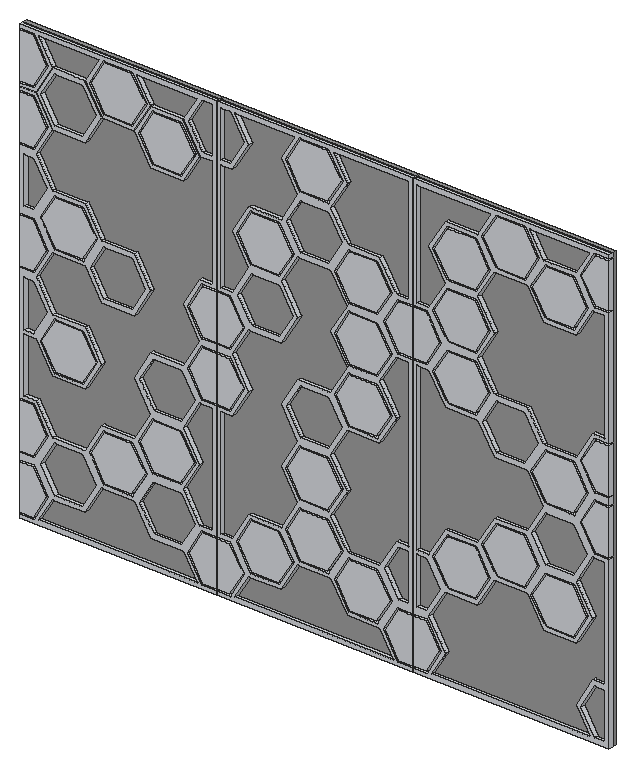
Revit family "SUR-PGL-018_HEX LATTICE_RFA", category Modelos genéricos, Revit 2022 (continued)
Forms (in)
  Extrusion 378, solid, not visible
    sketch origin (108, 0, 0) x (1, 0, 0) y (0, 1, 0)
      loop
        line (4.31701, 27.28341) -> (8.31701, 34.03341) -> (16.31701, 34.03341) -> (20.31701, 40.78341) -> (28.31701, 40.78341) -> (32.31701, 47.53341) -> (28.31701, 54.28341) -> (20.31701, 54.28341) -> (16.31471, 61.03433) -> (8.31755, 61.03433) -> (4.31635, 67.78341) -> (1.31701, 67.78341) -> (1.31701, 27.28341) -> (4.31701, 27.28341)
      loop
        line (32.31701, 61.03341) -> (40.31701, 61.03341) -> (44.31701, 67.78341) -> (47.31701, 67.78341) -> (47.31701, 94.78341) -> (44.31526, 94.78341) -> (40.31526, 88.03341) -> (32.31701, 88.03341) -> (28.31701, 94.78341) -> (20.31701, 94.78341) -> (16.31701, 88.03341) -> (20.31701, 81.28341) -> (16.31701, 74.53341) -> (20.31701, 67.78341) -> (28.31701, 67.78341) -> (32.31701, 61.03341)
      loop
        line (4.31701, 81.28341) -> (8.31788, 88.03489) -> (4.31701, 94.78341) -> (8.31701, 101.53341) -> (16.31701, 101.53341) -> (19.72442, 107.28341) -> (1.31701, 107.28341) -> (1.31701, 81.28341) -> (4.31701, 81.28341)
      loop
        line (39.86453, 21.32751) -> (43.39395, 27.28341) -> (39.86453, 33.23931) -> (32.76949, 33.23931) -> (29.24007, 27.28341) -> (32.77103, 21.32751) -> (39.86453, 21.32751)
      loop
        line (42.92899, 27.28341) -> (39.63661, 32.83931) -> (32.99741, 32.83931) -> (29.70505, 27.28346) -> (32.9989, 21.72751) -> (39.63661, 21.72751) -> (42.92899, 27.28341)
      loop
        line (15.89307, 61.79839) -> (19.4225, 67.75429) -> (15.89307, 73.7102) -> (8.79804, 73.7102) -> (5.26861, 67.75429) -> (8.79958, 61.79839) -> (15.89307, 61.79839)
      loop
        line (18.95754, 67.75429) -> (15.66515, 73.3102) -> (9.02596, 73.3102) -> (5.7336, 67.75434) -> (9.02745, 62.19839) -> (15.66515, 62.19839) -> (18.95754, 67.75429)
      loop
        line (27.89153, 95.54839) -> (31.42095, 101.50429) -> (27.89153, 107.4602) -> (20.79649, 107.4602) -> (17.26707, 101.50429) -> (20.79804, 95.54839) -> (27.89153, 95.54839)
      loop
        line (30.95599, 101.50429) -> (27.66361, 107.0602) -> (21.02441, 107.0602) -> (17.73205, 101.50434) -> (21.02591, 95.94839) -> (27.66361, 95.94839) -> (30.95599, 101.50429)
      loop
        line (32.31701, 101.53341) -> (40.31701, 101.53341) -> (43.72442, 107.28341) -> (28.9096, 107.28341) -> (32.31701, 101.53341)
      loop
        line (48.31701, 41.95105) -> (48.31701, 53.0602) -> (45.02596, 53.0602) -> (41.73436, 47.50562) -> (45.02596, 41.95105) -> (48.31701, 41.95105)
      loop
        line (44.88681, 1.28341) -> (47.31701, 1.28341) -> (47.31701, 12.78341) -> (44.88681, 12.78341) -> (41.4794, 7.03341) -> (44.88681, 1.28341)
      loop
        line (3.65767, 1.46152) -> (6.94306, 7.00562) -> (3.65767, 12.54972) -> (0.31701, 12.54972) -> (0.31701, 1.46152) -> (3.65767, 1.46152)
      loop
        line (1.31701, 14.78341) -> (3.7472, 14.78341) -> (7.15461, 20.53341) -> (3.7472, 26.28341) -> (1.31701, 26.28341) -> (1.31701, 14.78341)
      loop
        line (48.31701, 66.55105) -> (45.03271, 66.55105) -> (41.74499, 61.00302) -> (45.02884, 55.46152) -> (48.31701, 55.46152) -> (48.31701, 66.55105)
      loop
        line (27.851, 28.08522) -> (31.38042, 34.04112) -> (27.851, 39.99702) -> (20.75596, 39.99702) -> (17.22654, 34.04112) -> (20.7575, 28.08522) -> (27.851, 28.08522)
      loop
        line (30.91546, 34.04112) -> (27.62308, 39.59702) -> (20.98388, 39.59702) -> (17.69152, 34.04117) -> (20.98538, 28.48522) -> (27.62308, 28.48522) -> (30.91546, 34.04112)
      loop
        line (15.86453, 21.32751) -> (19.39395, 27.28341) -> (15.86453, 33.23931) -> (8.76949, 33.23931) -> (5.24007, 27.28341) -> (8.77103, 21.32751) -> (15.86453, 21.32751)
      loop
        line (18.92899, 27.28341) -> (15.63661, 32.83931) -> (8.99741, 32.83931) -> (5.70505, 27.28346) -> (8.9989, 21.72751) -> (15.63661, 21.72751) -> (18.92899, 27.28341)
      loop
        line (15.86453, 75.32751) -> (19.39395, 81.28341) -> (15.86453, 87.23931) -> (8.76949, 87.23931) -> (5.24007, 81.28341) -> (8.77103, 75.32751) -> (15.86453, 75.32751)
      loop
        line (18.92899, 81.28341) -> (15.63661, 86.83931) -> (8.99741, 86.83931) -> (5.70505, 81.28346) -> (8.9989, 75.72751) -> (15.63661, 75.72751) -> (18.92899, 81.28341)
      loop
        line (3.65767, 68.99268) -> (6.94306, 74.53678) -> (3.65767, 80.08088) -> (0.31701, 80.08088) -> (0.31701, 68.99268) -> (3.65767, 68.99268)
      loop
        line (32.88681, 35.03341) -> (39.7472, 35.03341) -> (43.15461, 40.78341) -> (39.7472, 46.53341) -> (32.88681, 46.53341) -> (29.4794, 40.78341) -> (32.88681, 35.03341)
      loop
        line (31.15461, 61.03341) -> (27.7472, 66.78341) -> (20.88681, 66.78341) -> (17.4794, 61.03341) -> (20.88681, 55.28341) -> (27.7472, 55.28341) -> (31.15461, 61.03341)
      loop
        line (39.86453, 48.32751) -> (43.39395, 54.28341) -> (39.86453, 60.23931) -> (32.76949, 60.23931) -> (29.24007, 54.28341) -> (32.77103, 48.32751) -> (39.86453, 48.32751)
      loop
        line (42.92899, 54.28341) -> (39.63661, 59.83931) -> (32.99741, 59.83931) -> (29.70505, 54.28346) -> (32.9989, 48.72751) -> (39.63661, 48.72751) -> (42.92899, 54.28341)
      loop
        line (39.86453, 88.82751) -> (43.39395, 94.78341) -> (39.86453, 100.73931) -> (32.76949, 100.73931) -> (29.24007, 94.78341) -> (32.77103, 88.82751) -> (39.86453, 88.82751)
      loop
        line (42.92899, 94.78341) -> (39.63661, 100.33931) -> (32.99741, 100.33931) -> (29.70505, 94.78346) -> (32.9989, 89.22751) -> (39.63661, 89.22751) -> (42.92899, 94.78341)
      loop
        line (15.86453, 88.82751) -> (19.39395, 94.78341) -> (15.86453, 100.73931) -> (8.76949, 100.73931) -> (5.24007, 94.78341) -> (8.77103, 88.82751) -> (15.86453, 88.82751)
      loop
        line (18.92899, 94.78341) -> (15.63661, 100.33931) -> (8.99741, 100.33931) -> (5.70505, 94.78346) -> (8.9989, 89.22751) -> (15.63661, 89.22751) -> (18.92899, 94.78341)
      loop
        line (48.31701, 107.07751) -> (45.03271, 107.07751) -> (41.74499, 101.52948) -> (45.02884, 95.98799) -> (48.31701, 95.98799) -> (48.31701, 107.07751)
    from -0.97244 to 0
  Extrusion 379, solid, not visible
    sketch origin (54, 0, 0) x (1, 0, 0) y (0, 1, 0)
      loop
        line (0.31701, 108.28341) -> (0.31701, 0.28341) -> (48.31701, 0.28341) -> (48.31701, 108.28341) -> (0.31701, 108.28341)
    from -1.94488 to -0.97244
  Extrusion 380, solid, not visible
    sketch origin (102.63402, 0, 0) x (-1, 0, 0) y (0, -1, 0)
      loop
        line (0.31701, -108.28341) -> (48.31701, -108.28341) -> (48.31701, -66.95742) -> (44.79317, -66.95742) -> (41.26779, -61.00834) -> (44.79804, -55.05105) -> (48.31701, -55.05105) -> (48.31701, -53.4602) -> (44.79804, -53.4602) -> (41.2694, -47.50562) -> (44.79804, -41.55105) -> (48.31701, -41.55105) -> (48.31701, -12.96152) -> (44.79728, -12.96152) -> (41.26786, -7.00562) -> (44.79807, -1.04838) -> (48.31701, -1.04838) -> (48.31701, -0.28341) -> (0.31701, -0.28341) -> (0.31701, -1.04972) -> (3.89232, -1.04972) -> (7.42097, -7.00432) -> (3.89077, -12.96152) -> (0.31701, -12.96152) -> (0.31701, -67.77836) -> (0.31701, -68.58088) -> (3.89232, -68.58088) -> (7.42097, -74.53548) -> (3.89077, -80.49268) -> (0.31701, -80.49268) -> (0.31701, -108.28341)
      loop
        line (4.9096, -1.28341) -> (8.31701, -7.03341) -> (16.31701, -7.03341) -> (20.31701, -13.78341) -> (28.31701, -13.78341) -> (32.31701, -7.03341) -> (40.31701, -7.03341) -> (43.72442, -1.28341) -> (4.9096, -1.28341)
      loop
        line (8.31701, -20.53341) -> (4.31701, -27.28341) -> (1.31701, -27.28341) -> (1.31701, -67.78341) -> (4.31635, -67.78341) -> (8.31755, -61.03433) -> (4.31701, -54.28341) -> (8.31701, -47.53341) -> (16.31701, -47.53341) -> (20.31701, -40.78341) -> (16.31701, -34.03341) -> (20.31701, -27.28341) -> (16.31701, -20.53341) -> (8.31701, -20.53341)
      loop
        line (20.31701, -54.28341) -> (16.31613, -61.03194) -> (20.31701, -67.78341) -> (16.31701, -74.53341) -> (20.31701, -81.28341) -> (28.31526, -81.28341) -> (32.31701, -74.53341) -> (28.31701, -67.78341) -> (32.31701, -61.03341) -> (40.31701, -61.03341) -> (44.31701, -54.28341) -> (40.31701, -47.53341) -> (44.31701, -40.78341) -> (47.31701, -40.78341) -> (47.31701, -13.78341) -> (44.31701, -13.78341) -> (40.31701, -20.53341) -> (32.31701, -20.53341) -> (28.31701, -27.28341) -> (32.31701, -34.03341) -> (28.31701, -40.78341) -> (32.31701, -47.53341) -> (28.31701, -54.28341) -> (20.31701, -54.28341)
      loop
        line (4.31701, -81.28341) -> (1.31701, -81.28341) -> (1.31701, -107.28341) -> (19.72442, -107.28341) -> (16.31701, -101.53341) -> (20.31701, -94.78341) -> (16.31701, -88.03341) -> (8.31701, -88.03341) -> (4.31701, -81.28341)
      loop
        line (28.31701, -94.78341) -> (32.31701, -101.53341) -> (28.9096, -107.28341) -> (43.72442, -107.28341) -> (40.31701, -101.53341) -> (44.31701, -94.78341) -> (47.31701, -94.78341) -> (47.31701, -67.78341) -> (44.31701, -67.78341) -> (40.31701, -74.53341) -> (44.31701, -81.28341) -> (40.31526, -88.03341) -> (32.31701, -88.03341) -> (28.31701, -94.78341)
      loop
        line (27.89232, -14.54972) -> (20.79882, -14.54972) -> (17.26786, -20.50562) -> (20.79728, -26.46152) -> (27.89232, -26.46152) -> (31.42174, -20.50562) -> (27.89232, -14.54972)
      loop
        line (30.95678, -20.50562) -> (27.6644, -14.94972) -> (21.02669, -14.94972) -> (17.73284, -20.50567) -> (21.0252, -26.06152) -> (27.6644, -26.06152) -> (30.95678, -20.50562)
      loop
        line (15.89307, -61.79839) -> (8.79958, -61.79839) -> (5.26861, -67.75429) -> (8.79804, -73.7102) -> (15.89307, -73.7102) -> (19.4225, -67.75429) -> (15.89307, -61.79839)
      loop
        line (18.95754, -67.75429) -> (15.66515, -62.19839) -> (9.02745, -62.19839) -> (5.7336, -67.75434) -> (9.02596, -73.3102) -> (15.66515, -73.3102) -> (18.95754, -67.75429)
      loop
        line (27.89153, -95.54839) -> (20.79804, -95.54839) -> (17.26707, -101.50429) -> (20.79649, -107.4602) -> (27.89153, -107.4602) -> (31.42095, -101.50429) -> (27.89153, -95.54839)
      loop
        line (30.95599, -101.50429) -> (27.66361, -95.94839) -> (21.02591, -95.94839) -> (17.73205, -101.50434) -> (21.02441, -107.0602) -> (27.66361, -107.0602) -> (30.95599, -101.50429)
      loop
        line (44.88681, -107.28341) -> (47.31701, -107.28341) -> (47.31701, -95.78341) -> (44.88681, -95.78341) -> (41.4794, -101.53341) -> (44.88681, -107.28341)
      loop
        line (48.31701, -41.95105) -> (45.02596, -41.95105) -> (41.73436, -47.50562) -> (45.02596, -53.0602) -> (48.31701, -53.0602) -> (48.31701, -41.95105)
      loop
        line (45.01834, -1.46131) -> (41.73282, -7.00562) -> (45.01812, -12.54958) -> (48.31701, -12.54958) -> (48.31701, -1.46131) -> (45.01834, -1.46131)
      loop
        line (3.65767, -1.46152) -> (0.31701, -1.46152) -> (0.31701, -12.54972) -> (3.65767, -12.54972) -> (6.94306, -7.00562) -> (3.65767, -1.46152)
      loop
        line (1.31701, -14.78341) -> (1.31701, -26.28341) -> (3.7472, -26.28341) -> (7.15461, -20.53341) -> (3.7472, -14.78341) -> (1.31701, -14.78341)
      loop
        line (48.31701, -66.55105) -> (48.31701, -55.46152) -> (45.02884, -55.46152) -> (41.74499, -61.00302) -> (45.03271, -66.55105) -> (48.31701, -66.55105)
      loop
        line (27.851, -28.08522) -> (20.7575, -28.08522) -> (17.22654, -34.04112) -> (20.75596, -39.99702) -> (27.851, -39.99702) -> (31.38042, -34.04112) -> (27.851, -28.08522)
      loop
        line (30.91546, -34.04112) -> (27.62308, -28.48522) -> (20.98538, -28.48522) -> (17.69152, -34.04117) -> (20.98388, -39.59702) -> (27.62308, -39.59702) -> (30.91546, -34.04112)
      loop
        line (15.86453, -48.32751) -> (8.77103, -48.32751) -> (5.24007, -54.28341) -> (8.76949, -60.23931) -> (15.86453, -60.23931) -> (19.39395, -54.28341) -> (15.86453, -48.32751)
      loop
        line (18.92899, -54.28341) -> (15.63661, -48.72751) -> (8.9989, -48.72751) -> (5.70505, -54.28346) -> (8.99741, -59.83931) -> (15.63661, -59.83931) -> (18.92899, -54.28341)
      loop
        line (15.86453, -7.82751) -> (8.77103, -7.82751) -> (5.24007, -13.78341) -> (8.76949, -19.73931) -> (15.86453, -19.73931) -> (19.39395, -13.78341) -> (15.86453, -7.82751)
      loop
        line (18.92899, -13.78341) -> (15.63661, -8.22751) -> (8.9989, -8.22751) -> (5.70505, -13.78346) -> (8.99741, -19.33931) -> (15.63661, -19.33931) -> (18.92899, -13.78341)
      loop
        line (39.86453, -7.82751) -> (32.77103, -7.82751) -> (29.24007, -13.78341) -> (32.76949, -19.73931) -> (39.86453, -19.73931) -> (43.39395, -13.78341) -> (39.86453, -7.82751)
      loop
        line (42.92899, -13.78341) -> (39.63661, -8.22751) -> (32.9989, -8.22751) -> (29.70505, -13.78346) -> (32.99741, -19.33931) -> (39.63661, -19.33931) -> (42.92899, -13.78341)
      loop
        line (39.86453, -75.32751) -> (32.77103, -75.32751) -> (29.24007, -81.28341) -> (32.76949, -87.23931) -> (39.86453, -87.23931) -> (43.39395, -81.28341) -> (39.86453, -75.32751)
      loop
        line (42.92899, -81.28341) -> (39.63661, -75.72751) -> (32.9989, -75.72751) -> (29.70505, -81.28346) -> (32.99741, -86.83931) -> (39.63661, -86.83931) -> (42.92899, -81.28341)
      loop
        line (15.86453, -75.32751) -> (8.77103, -75.32751) -> (5.24007, -81.28341) -> (8.76949, -87.23931) -> (15.86453, -87.23931) -> (19.39395, -81.28341) -> (15.86453, -75.32751)
      loop
        line (18.92899, -81.28341) -> (15.63661, -75.72751) -> (8.9989, -75.72751) -> (5.70505, -81.28346) -> (8.99741, -86.83931) -> (15.63661, -86.83931) -> (18.92899, -81.28341)
      loop
        line (31.15461, -88.03341) -> (27.7472, -82.28341) -> (20.88681, -82.28341) -> (17.4794, -88.03341) -> (20.88681, -93.78341) -> (27.7472, -93.78341) -> (31.15461, -88.03341)
      loop
        line (3.65767, -68.99268) -> (0.31701, -68.99268) -> (0.31701, -80.08088) -> (3.65767, -80.08088) -> (6.94306, -74.53678) -> (3.65767, -68.99268)
      loop
        line (27.7472, -53.28341) -> (31.15461, -47.53341) -> (27.7472, -41.78341) -> (20.88681, -41.78341) -> (17.4794, -47.53341) -> (20.88681, -53.28341) -> (27.7472, -53.28341)
      loop
        line (39.7472, -62.03341) -> (32.88681, -62.03341) -> (29.4794, -67.78341) -> (32.88681, -73.53341) -> (39.7472, -73.53341) -> (43.15461, -67.78341) -> (39.7472, -62.03341)
    from -0.97244 to 0
  Extrusion 381, solid, not visible
    sketch origin (0, 0, 0.28341) x (1, 0, 0) y (0, 1, 0)
      loop
        line (0.31701, 108.28341) -> (0.31701, 107.4602) -> (3.89156, 107.4602) -> (7.42324, 101.50048) -> (3.89608, 95.54839) -> (0.31701, 95.54839) -> (0.31701, 94.83076) -> (4.29123, 94.83076) -> (8.29009, 101.57884) -> (4.9096, 107.28341) -> (19.72442, 107.28341) -> (16.37513, 101.63149) -> (20.43325, 94.78341) -> (28.20077, 94.78341) -> (32.25889, 101.63149) -> (28.9096, 107.28341) -> (43.72442, 107.28341) -> (40.37513, 101.63149) -> (44.43325, 94.78341) -> (47.31701, 94.78341) -> (47.31701, 67.78341) -> (44.31701, 67.78341) -> (40.31701, 61.03341) -> (44.31701, 54.28341) -> (40.31701, 47.53341) -> (32.31701, 47.53341) -> (28.31701, 40.78341) -> (32.31701, 34.03341) -> (28.31701, 27.28341) -> (20.31701, 27.28341) -> (16.31701, 20.53341) -> (8.31701, 20.53341) -> (4.31701, 27.28341) -> (1.31701, 27.28341) -> (1.31701, 40.78341) -> (4.31701, 40.78341) -> (8.31701, 34.03341) -> (16.31701, 34.03341) -> (20.31701, 40.78341) -> (16.31701, 47.53341) -> (8.31701, 47.53341) -> (4.31701, 54.28341) -> (8.31701, 61.03341) -> (16.31701, 61.03341) -> (20.31701, 54.28341) -> (28.31701, 54.28341) -> (32.31701, 61.03341) -> (28.31701, 67.78341) -> (20.31701, 67.78341) -> (16.31701, 74.53341) -> (8.31701, 74.53341) -> (4.31701, 81.28341) -> (8.25889, 87.93534) -> (4.29123, 94.63076) -> (0.31701, 94.63076) -> (0.31701, 93.96018) -> (3.89157, 93.96018) -> (7.42073, 88.00472) -> (3.89235, 82.05058) -> (0.31701, 82.05058) -> (0.31701, 66.96018) -> (3.89157, 66.96018) -> (7.42062, 61.00751) -> (3.89087, 55.05105) -> (0.31701, 55.05105) -> (0.31701, 26.46152) -> (3.89077, 26.46152) -> (7.42097, 20.50432) -> (3.89232, 14.54972) -> (0.31701, 14.54972) -> (0.31701, 12.96152) -> (3.89077, 12.96152) -> (7.42097, 7.00432) -> (3.89232, 1.04972) -> (0.31701, 1.04972) -> (0.31701, 0.28341) -> (48.31701, 0.28341) -> (48.31701, 1.04838) -> (44.79807, 1.04838) -> (41.26786, 7.00562) -> (44.79728, 12.96152) -> (48.31701, 12.96152) -> (48.31701, 41.55105) -> (44.79804, 41.55105) -> (41.2694, 47.50562) -> (44.79804, 53.4602) -> (48.31701, 53.4602) -> (48.31701, 55.05105) -> (44.79804, 55.05105) -> (41.26779, 61.00834) -> (44.79317, 66.95742) -> (48.31701, 66.95742) -> (48.31701, 108.28341) -> (0.31701, 108.28341)
      loop
        line (4.9096, 1.28341) -> (43.72442, 1.28341) -> (40.31701, 7.03341) -> (32.31701, 7.03341) -> (28.31701, 13.78341) -> (20.31701, 13.78341) -> (16.31701, 7.03341) -> (8.31701, 7.03341) -> (4.9096, 1.28341)
      loop
        line (8.43325, 88.03341) -> (16.31701, 88.03341) -> (20.25889, 94.68534) -> (16.20077, 101.53341) -> (8.49565, 101.53341) -> (4.46445, 94.73076) -> (8.43325, 88.03341)
      loop
        line (28.37513, 94.68534) -> (32.31701, 88.03341) -> (40.31701, 88.03341) -> (44.25889, 94.68534) -> (40.20077, 101.53341) -> (32.43325, 101.53341) -> (28.37513, 94.68534)
      loop
        line (27.89232, 14.54972) -> (31.42174, 20.50562) -> (27.89232, 26.46152) -> (20.79728, 26.46152) -> (17.26786, 20.50562) -> (20.79882, 14.54972) -> (27.89232, 14.54972)
      loop
        line (30.95678, 20.50562) -> (27.6644, 26.06152) -> (21.0252, 26.06152) -> (17.73284, 20.50567) -> (21.02669, 14.94972) -> (27.6644, 14.94972) -> (30.95678, 20.50562)
      loop
        line (15.89307, 34.79839) -> (19.4225, 40.75429) -> (15.89307, 46.7102) -> (8.79804, 46.7102) -> (5.26861, 40.75429) -> (8.79958, 34.79839) -> (15.89307, 34.79839)
      loop
        line (18.95754, 40.75429) -> (15.66515, 46.3102) -> (9.02596, 46.3102) -> (5.7336, 40.75434) -> (9.02745, 35.19839) -> (15.66515, 35.19839) -> (18.95754, 40.75429)
      loop
        line (15.89307, 61.79839) -> (19.4225, 67.75429) -> (15.89307, 73.7102) -> (8.79804, 73.7102) -> (5.26861, 67.75429) -> (8.79958, 61.79839) -> (15.89307, 61.79839)
      loop
        line (18.95754, 67.75429) -> (15.66515, 73.3102) -> (9.02596, 73.3102) -> (5.7336, 67.75434) -> (9.02745, 62.19839) -> (15.66515, 62.19839) -> (18.95754, 67.75429)
      loop
        line (27.89153, 95.54839) -> (31.42095, 101.50429) -> (27.89153, 107.4602) -> (20.79649, 107.4602) -> (17.26707, 101.50429) -> (20.79804, 95.54839) -> (27.89153, 95.54839)
      loop
        line (30.95599, 101.50429) -> (27.66361, 107.0602) -> (21.02441, 107.0602) -> (17.73205, 101.50434) -> (21.02591, 95.94839) -> (27.66361, 95.94839) -> (30.95599, 101.50429)
      loop
        line (39.89307, 88.79839) -> (43.4225, 94.75429) -> (39.89307, 100.7102) -> (32.79804, 100.7102) -> (29.26861, 94.75429) -> (32.79958, 88.79839) -> (39.89307, 88.79839)
      loop
        line (42.95754, 94.75429) -> (39.66515, 100.3102) -> (33.02596, 100.3102) -> (29.7336, 94.75434) -> (33.02745, 89.19839) -> (39.66515, 89.19839) -> (42.95754, 94.75429)
      loop
        line (27.7472, 66.78341) -> (20.88681, 66.78341) -> (17.4794, 61.03341) -> (20.88681, 55.28341) -> (27.7472, 55.28341) -> (31.15461, 61.03341) -> (27.7472, 66.78341)
      loop
        line (7.15461, 47.53341) -> (3.7472, 53.28341) -> (1.31701, 53.28341) -> (1.31701, 41.78341) -> (3.7472, 41.78341) -> (7.15461, 47.53341)
      loop
        line (32.88681, 46.53341) -> (29.4794, 40.78341) -> (32.88681, 35.03341) -> (39.7472, 35.03341) -> (43.15461, 40.78341) -> (39.7472, 46.53341) -> (32.88681, 46.53341)
      loop
        line (43.15461, 13.78341) -> (39.7472, 19.53341) -> (32.88681, 19.53341) -> (29.4794, 13.78341) -> (32.88681, 8.03341) -> (39.7472, 8.03341) -> (43.15461, 13.78341)
      loop
        line (44.88681, 107.28341) -> (41.4794, 101.53341) -> (44.88681, 95.78341) -> (47.31701, 95.78341) -> (47.31701, 107.28341) -> (44.88681, 107.28341)
      loop
        line (19.15461, 94.78341) -> (15.7472, 100.53341) -> (8.88681, 100.53341) -> (5.4794, 94.78341) -> (8.88681, 89.03341) -> (15.7472, 89.03341) -> (19.15461, 94.78341)
      loop
        line (3.7472, 68.78341) -> (7.15461, 74.53341) -> (3.7472, 80.28341) -> (1.31701, 80.28341) -> (1.31701, 68.78341) -> (3.7472, 68.78341)
      loop
        line (47.31701, 13.78341) -> (47.31701, 40.78341) -> (44.31701, 40.78341) -> (40.31701, 34.03341) -> (44.31701, 27.28341) -> (40.31701, 20.53341) -> (44.31701, 13.78341) -> (47.31701, 13.78341)
      loop
        line (19.15461, 13.78341) -> (15.7472, 19.53341) -> (8.88681, 19.53341) -> (5.4794, 13.78341) -> (8.88681, 8.03341) -> (15.7472, 8.03341) -> (19.15461, 13.78341)
      loop
        line (3.65688, 95.9602) -> (6.94461, 101.50823) -> (3.66076, 107.04972) -> (0.31701, 107.04972) -> (0.31701, 95.9602) -> (3.65688, 95.9602)
      loop
        line (0.31701, 93.55105) -> (0.31701, 82.46019) -> (3.65689, 82.46019) -> (6.94461, 88.00821) -> (3.65996, 93.55105) -> (0.31701, 93.55105)
      loop
        line (48.31701, 41.95105) -> (48.31701, 53.0602) -> (45.02596, 53.0602) -> (41.73436, 47.50562) -> (45.02596, 41.95105) -> (48.31701, 41.95105)
      loop
        line (45.01834, 1.46131) -> (48.31701, 1.46131) -> (48.31701, 12.54958) -> (45.01812, 12.54958) -> (41.73282, 7.00562) -> (45.01834, 1.46131)
      loop
        line (39.89153, 21.30105) -> (43.42095, 27.25695) -> (39.89153, 33.21285) -> (32.79649, 33.21285) -> (29.26707, 27.25695) -> (32.79804, 21.30105) -> (39.89153, 21.30105)
      loop
        line (42.95599, 27.25695) -> (39.66361, 32.81285) -> (33.02441, 32.81285) -> (29.73205, 27.257) -> (33.02591, 21.70105) -> (39.66361, 21.70105) -> (42.95599, 27.25695)
      loop
        line (3.65767, 1.46152) -> (6.94306, 7.00562) -> (3.65767, 12.54972) -> (0.31701, 12.54972) -> (0.31701, 1.46152) -> (3.65767, 1.46152)
      loop
        line (0.31701, 14.9602) -> (3.65843, 14.9602) -> (6.94461, 20.50562) -> (3.65843, 26.05105) -> (0.31701, 26.05105) -> (0.31701, 14.9602)
      loop
        line (3.65699, 55.4602) -> (6.94461, 61.00805) -> (3.65843, 66.55105) -> (0.31701, 66.55105) -> (0.31701, 55.4602) -> (3.65699, 55.4602)
      loop
        line (48.31701, 66.55105) -> (45.03271, 66.55105) -> (41.74499, 61.00302) -> (45.02884, 55.46152) -> (48.31701, 55.46152) -> (48.31701, 66.55105)
    from -0.97244 to 0
  Extrusion 382, solid, not visible
    sketch origin (0, 0, 0) x (1, 0, 0) y (0, 1, 0)
      loop
        line (0.31701, 108.28341) -> (0.31701, 0.28341) -> (48.31701, 0.28341) -> (48.31701, 108.28341) -> (0.31701, 108.28341)
    from -1.94488 to -0.97244
Dimensions and locks (in)
  aligned and locked: level to plane 2
